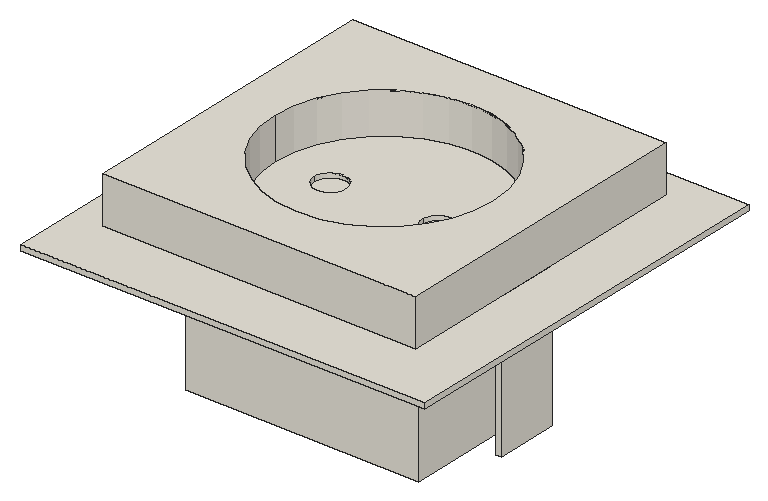
Revit family "Gira_018801", category Electrical Fixtures, host Face, Revit 2017
Family settings
  Host = Face
  Maintain Annotation Orientation = Yes
  Round Connector Dimension = Use Diameter
  Part Type = Normal
  Cut with Voids When Loaded = No
  Shared = No
  Room Calculation Point = No
Parameters (values of type "SCHUKO System 55 cr.white")
  With signal lamp = "No"
  With orientation lighting = "No"
  With on/off switch = "No"
  With miniature fuse = "No"
  With loop through function = "No"
  With hinged lid = "No"
  With function lighting = "No"
  With child-protection = "No"
  With built-in USB power supply = "No"
  URL = "http://katalog.gira.de/en/datenblatt.html?artikelnr=018801"
  Type of fastening = "Mounting with claw and screw"
  Transparent = "No"
  Surface protection = "Other"
  Surface finishing = "Glossy"
  Suitable for degree of protection (IP) = "IP20"
  Special power supply = "No special power supply"
  Rotated central insert = "No"
  RAL-number (akin) = "1013"
  Protective earth pin round = "No"
  Protective contact = "Yes"
  Over voltage protection = "No"
  Number of units = "1"
  Number of socket outlets switchable = "0"
  Number of modules (module system) = "1"
  Nominal voltage = "250"
  Nominal current = "16"
  Name = "SCHUKO System 55 cr.white"
  Mounting method = "Flush mounted (plaster)"
  Model = "Protective contact (SCHUKO)"
  Min. depth of built-in installation box = "0.032"
  Material quality = "Thermoplastic"
  Material = "Plastic"
  Manufacturer URL = "https://www.gira.de/"
  Manufacturer = "Gira"
  Lockable = "No"
  Label space/information surface = "No"
  Insulated mounting = "No"
  Imprint/indication = "Without imprint"
  HeinzeBIM = "https://bimportal.heinze.de/bim/schuko-system-55-cr-white/bfbc8aa5c72f47a5945b1f0396a94cca7988029d"
  Halogen free = "Yes"
  HAN = "018801"
  GTIN = "4010337188018"
  Für "erschwerte Bedingungen" (nach VDE) (*de-DE) = "No"
  Frequency = "50 - 50"
  Fault current protection = "No"
  Eject-mechanism = "No"
  Description = "SCHUKO Sys55 CW,SCHUKO socket outlet 16 A 250 V~,,cream white glossy,"
  Default Elevation = 1219.2 mm
  Data sheet (1) = "https://katalog.gira.de/en/download.html?artikelnr=018801"
  Cremeweiß glänzend = Cremeweiß glänzend
  Connection type = "Plug clamp"
  Colour = "Cream white (electro white)"
  Category = "Socket outlet"
  BIM (1) = "https://media.stage.bim.site/public/gira/36a6b08/SYS55_Steckdose.rfa"
  Available = "No"
  Antibacterial treatment = "No"
Reference planes
  plane 1 "Center (Front/Back)": y = 0
  plane 2 "Reference Level 0": z = 0
  plane 3 "Center (Left/Right)": x = 0
  plane 4: x = 9.5
  plane 5: x = -9.5
  plane 6: x = 9.5
  plane 7: x = -9.5
  plane 8: x = 9.5
  plane 9: x = -9.5
  plane 10: x = 17.5
  plane 11 "Reference Level 1": z = 8.2
Forms (mm)
  Extrusion 1, solid, material "Cremeweiß glänzend" <- "Cremeweiß glänzend", detail levels coarse
    sketch origin (0, 0, 0) x (1, 0, 0) y (0, 1, 0)
      loop
        line (-35.5, 35.5) -> (-35.5, -35.5) -> (35.5, -35.5) -> (35.5, 35.5) -> (-35.5, 35.5)
    from -27.5 to 8.2
  Extrusion 2, solid, material "Cremeweiß glänzend" <- "Cremeweiß glänzend", detail levels medium+fine
    sketch origin (0, 0, 0) x (1, 0, 0) y (0, 1, 0)
      loop
        line (-35.5, 35.5) -> (-35.5, -35.5) -> (35.5, -35.5) -> (35.5, 35.5) -> (-35.5, 35.5)
    from -2.2 to -3.2
  Extrusion 3, solid, material "Cremeweiß glänzend" <- "Cremeweiß glänzend", detail levels medium+fine
    sketch origin (0, 0, 0) x (1, 0, 0) y (0, 1, 0)
      loop
        line (-27.5, 27.5) -> (-27.5, -27.5) -> (27.5, -27.5) -> (27.5, 27.5) -> (-27.5, 27.5)
      loop
        circle (0, 0) r 19.2
    from 0 to 8.2
  Extrusion 4, solid, material "Cremeweiß glänzend" <- "Cremeweiß glänzend", detail levels fine
    sketch origin (0, 0, 0) x (1, 0, 0) y (0, 1, 0)
      loop
        circle (0, 0) r 19.2
      loop
        circle (9.5, 0) r 2.8
      loop
        circle (-9.5, 0) r 2.8
    from 0 to 1
  Extrusion 5, solid, material "Cremeweiß glänzend" <- "Cremeweiß glänzend", detail levels fine
    sketch origin (0, 0, 0) x (1, 0, 0) y (0, 1, 0)
      loop
        circle (-9.5, 0) r 2.8
      loop
        circle (9.5, 0) r 2.8
    from -2.2 to 0.3
  Extrusion 6, solid, material "Cremeweiß glänzend" <- "Cremeweiß glänzend", detail levels medium
    sketch origin (0, 0, 0) x (1, 0, 0) y (0, 1, 0)
      loop
        circle (0, 0) r 19.2
      loop
        circle (9.5, 0) r 2.8
      loop
        circle (-9.5, 0) r 2.8
    from 7.2 to 8.2
  Extrusion 7, solid, material "Cremeweiß glänzend" <- "Cremeweiß glänzend", detail levels medium
    sketch origin (0, 0, 0) x (1, 0, 0) y (0, 1, 0)
      loop
        circle (-9.5, 0) r 2.8
      loop
        circle (9.5, 0) r 2.8
    from 7.2 to 8.2
  Extrusion 8, solid, material "Cremeweiß glänzend" <- "Cremeweiß glänzend", detail levels medium+fine
    sketch origin (0, 0, 0) x (1, 0, 0) y (0, 1, 0)
      loop
        line (-20.5, 9) -> (-20.5, -18) -> (20.5, -18) -> (20.5, 9) -> (17.5, 9) -> (3, 21) -> (3, 24) -> (-3, 24) -> (-3, 21) -> (-17.5, 9) -> (-20.5, 9)
    from 0 to -27.5
  Extrusion 9, solid, material "Cremeweiß glänzend" <- "Cremeweiß glänzend", detail levels medium+fine
    sketch origin (0, 0, 0) x (1, 0, 0) y (0, 1, 0)
      loop
        line (-25, 5.5) -> (-25, -5.5) -> (-24, -5.5) -> (-24, 5.5) -> (-25, 5.5)
    from 0 to -27.5
  Extrusion 10, solid, material "Cremeweiß glänzend" <- "Cremeweiß glänzend", detail levels medium+fine
    sketch origin (0, 0, 0) x (-1, 0, 0) y (0, -1, 0)
      loop
        line (-25, 5.5) -> (-25, -5.5) -> (-24, -5.5) -> (-24, 5.5) -> (-25, 5.5)
    from 0 to -27.5
Dimensions and locks
  aligned and locked: plane 2 "Reference Level 0" to host face
  aligned and locked: level to host face
  aligned and locked: plane 3 "Center (Left/Right)" to nested 1
  aligned and locked: plane 1 "Center (Front/Back)" to nested 1
Nested families
  nested 1: "Steckdose 1-fach Beschriftung" at (0, 0, 0), type "Steckdose 1-fach Beschriftung"
Connectors
  electrical at (0, 9, -27.5)
    settings: on Extrusion 8, index 1, voltage 220 V, apparent load 0 VA, apparent load phase1 0 VA, apparent load phase2 0 VA, apparent load phase3 0 VA, power factor 1, load classification "Other", number of poles 1, system type 31, power factor state 1, is connector primary yes, connector utility no, sub classification motor no, connector description ""
Definition of nested family "Steckdose 1-fach Beschriftung"
  Reference planes
    plane 1: y = 0
    plane 2: x = 0
  Lines and regions (mm)
    detail lines
      curve 1: line (0, 0, 0) -> (0, 2, 0)
      curve 3: line (0, 2, 0) -> (-1, 2, 0)
      curve 4: arc (1, 3, 0) -> (0, 2, 0) -> (-1, 3, 0) r 1
      curve 5: line (0, 2, 0) -> (1, 2, 0)
    reference lines
      curve 2: line (-0.485, 3, 0) -> (2.315, 3, 0)
  Dimensions and locks
    curve 1 to curve 1 = 2 mm
    plane 1 to curve 2 = 3 mm
    curve 3 to curve 3 = 1 mm
